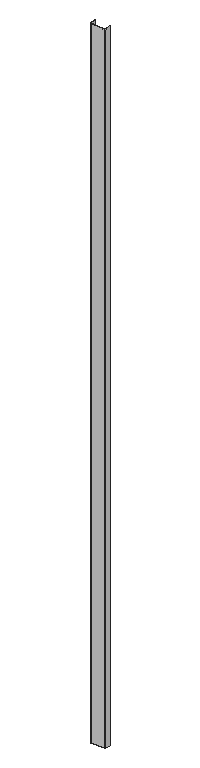
Revit family "5a6dbeebc87142a2914cc372f09973ee", category Structural Columns, Revit 2021
Family settings
  Section Shape = Not Defined
  Material for Model Behavior = Steel
  Always export as geometry = No
  Beam cutback in plan = From bounding box
  OmniClass Number = 23.25.30.11.14.11
  OmniClass Title = Columns
  Seek Item ID = Light Gauge-Channel Studs-Column-0000-USA-ENU
  Cut with Voids When Loaded = No
  Symbolic Representation = From Project Settings
  Shared = No
  Show family pre-cut in plan views = Yes
Parameters (values of type "C2 1/2")
  t1 = if((t / 0.95 * 0' 1" / 1000) < 0' 0 1/32", 0' 0 1/32", (t / 0.95 * 0' 1" / 1000))  # 0' - 0 1/32"
  t = 18
  W = 0
  Structural Material [instance] = Metal - Light Gauge
  Assembly Code = "B10"
  B = 0' - 2 1/2"
  D = 0' - 1"
  A = 0.00 in²
Reference planes (in)
  plane 1 "Center (Front/Back)": y = 0
  plane 2: z = 0
  plane 3 "Center (Left/Right)": x = 0
  plane 4 "Right": x = 2.5
  plane 5: y = 1
  plane 6 "Insertion(Left/Right)": x = 1.25
Forms (in)
  Extrusion 1, solid, material "Metal - Light Gauge" <- "Structural Material", detail levels medium
    sketch origin (1.4375, -0.625, 0) x (0, 1, 0) y (-1, 0, 0)
      loop
        line (1.625, 1.4375) -> (0.625, 1.4375) -> (0.625, -1.0625) -> (1.625, -1.0625) -> (1.625, -1.03125) -> (0.65625, -1.03125) -> (0.65625, 1.40625) -> (1.625, 1.40625) -> (1.625, 1.4375)
    from 0 to 108
  Extrusion 2, solid, material "Metal - Light Gauge" <- "Structural Material", detail levels fine
    sketch origin (1.4375, -0.625, 96) x (0, 1, 0) y (-1, 0, 0)
      loop
        line (1.625, 1.4375) -> (0.71875, 1.4375)
        arc (0.71875, 1.4375) -> (0.65246, 1.41004) -> (0.625, 1.34375) r 0.09375
        line (0.625, 1.34375) -> (0.625, -0.96875)
        arc (0.625, -0.96875) -> (0.65246, -1.03504) -> (0.71875, -1.0625) r 0.09375
        line (0.71875, -1.0625) -> (1.625, -1.0625) -> (1.625, -1.03125) -> (0.71875, -1.03125)
        arc (0.71875, -1.03125) -> (0.67456, -1.01294) -> (0.65625, -0.96875) r 0.0625
        line (0.65625, -0.96875) -> (0.65625, 1.34375)
        arc (0.65625, 1.34375) -> (0.67456, 1.38794) -> (0.71875, 1.40625) r 0.0625
        line (0.71875, 1.40625) -> (1.625, 1.40625) -> (1.625, 1.4375)
    from -96 to 12
Lines and regions (in)
  symbolic lines, style "Hidden Faces", detail levels medium+fine
    curve 1: line (0.03125, -0.5625, 108) -> (0.03125, -0.5625, 0)
    curve 5: line (2.46875, -0.5625, 108) -> (2.46875, -0.5625, 0)
    curve 6: line (0, 0.03125, 108) -> (0, 0.03125, 0)
  symbolic lines, style "StructuralColumnStickSymbols", detail levels coarse
    curve 2: line (0, 1, 0) -> (0, 0, 0)
    curve 3: line (0, 0, 0) -> (2.5, 0, 0)
    curve 4: line (2.5, 1, 0) -> (2.5, 0, 0)
Dimensions and locks (in)
  "B": plane 3 "Center (Left/Right)" to plane 4 "Right"
  "t1": Extrusion 1 sketch curve to Extrusion 1 sketch curve  (x3)
  "t1": Extrusion 2 sketch curve to Extrusion 2 sketch curve  (x3)
  "D": plane 1 "Center (Front/Back)" to plane 5
  "t1": Extrusion 1 to curve 1
  "t1": curve 5 to Extrusion 1
  locked: Extrusion 2 sketch curve to Extrusion 2 sketch curve at 0.0625  (x3)
  Extrusion 2 sketch curve to Extrusion 2 sketch curve = 0' - 0 1/16"
  equal spacing: plane 3 "Center (Left/Right)", plane 6 "Insertion(Left/Right)", plane 4 "Right"
  aligned and locked: level to Extrusion 1  (x4)
  aligned and locked: level to plane 2
  aligned and locked: Extrusion 1 to plane 2
  aligned and locked: Extrusion 1 sketch curve to plane 4 "Right"
  aligned and locked: Extrusion 1 sketch curve to plane 3 "Center (Left/Right)"
  aligned and locked: plane 1 "Center (Front/Back)" to Extrusion 1 sketch curve
  aligned and locked: Extrusion 1 sketch curve to plane 5
  aligned and locked: plane 5 to Extrusion 1 sketch curve  (x2)
  aligned and locked: Extrusion 1 sketch curve to Extrusion 1 sketch curve  (x3)
  aligned and locked: Extrusion 2 sketch curve to Extrusion 2 sketch curve  (x2)
  aligned and locked: curve 2 to Extrusion 1
  aligned and locked: curve 3 to Extrusion 1
  aligned and locked: curve 4 to Extrusion 1  (x2)
  aligned and locked: level to curve 1  (x2)
  aligned and locked: level to curve 5  (x2)
  aligned and locked: level to Extrusion 2  (x8)
  aligned and locked: Extrusion 2 to level  (x8)
  aligned and locked: Extrusion 1 to level  (x4)
  aligned and locked: Extrusion 2 to curve 6  (x2)
  aligned and locked: plane 1 "Center (Front/Back)" to Extrusion 2 sketch curve
  aligned and locked: Extrusion 2 sketch curve to plane 4 "Right"
  aligned and locked: curve 6 to Extrusion 1
Automatic sketch dimensions
  curve 2 to plane 5 = 0' - 0"
  Extrusion 2 sketch curve to Extrusion 2 sketch curve = 0' - 0"  (x2)
  Extrusion 2 sketch curve to plane 3 "Center (Left/Right)" = 0' - 0"
  Extrusion 2 sketch curve to plane 5 = 0' - 0"  (x2)
